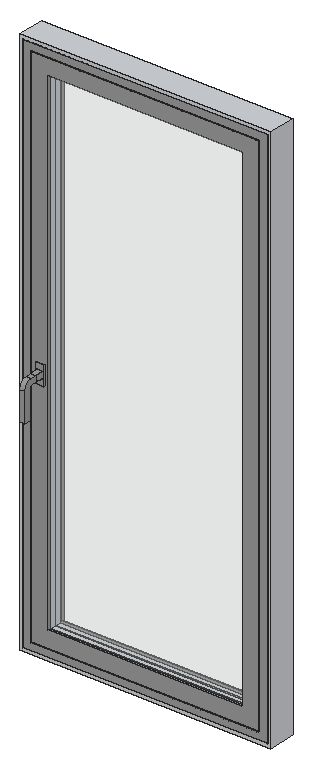
Revit family "Natre Tilt and turn casement door", category Doors, host Wall, Revit 2020
Family settings
  Host = Wall
  OmniClass Number = 23.30.20.00
  OmniClass Title = Windows
  Always vertical = Yes
  Cut with Voids When Loaded = No
  Shared = No
  Room Calculation Point = Yes
Parameters (values of type "948x2118")
  Door area [instance] = Width * Height  # 2.00786 m²
  Wall closure = 150.00 mm
  URL = "www.natre.no"
  Thermal Bridge length [instance] = (2 * Height) + (2 * Width)  # 6132.00 mm
  Rough Width = Width + (2 * Joint)  # 972.00 mm
  Rough Height = Height + (2 * Joint)  # 2142.00 mm
  Placement in wall = 50.00 mm
  Model = "GENP FI CD TITU_SC"
  Interior Frame = Default
  Exterior Frame = Default
  Manufacturer = "Natre"
  Joint = 12.00 mm  # constant formula
  Height = Desire Height  # 2118.00 mm
  Glass = Glass
  Desire Width = 948.00 mm
  Desire Height = 2118.00 mm
  Default Sill Height = 0.00 mm
  Wall Closure = By host
  Width = Desire Width  # 948.00 mm
  Construction Type = ""
Reference planes
  plane 1 "Center (Front/Back)": y = 0
  plane 2 "Center (Left/Right)": x = 0
  plane 3 "Left": x = -486
  plane 4 "Right": x = 486
  plane 5 "Sill": z = 0
  plane 6 "Head": z = 2142
  plane 7 "Exterior": y = 100
  plane 8 "Interior": y = -100
  plane 9 "Placement in wall": y = 50
  plane 10 "Left Joint": x = 474
  plane 11 "Bottum joint": z = 12
  plane 12 "Top Joint": z = 2130
  plane 13 "Right Joint": x = -474
  plane 14 "Wall Closure": y = -50
  plane 15: x = 236
Forms (mm)
  Sweep 1, solid, material "Default" <- "Interior Frame"
    path origin (-899.125, 50, 999.999) x (-1, 0, 0) y (0, 0, 1)
      loop
        line (-425.125, 1130) -> (-1373.125, 1130) -> (-1373.125, -988) -> (-425.125, -988) -> (-425.125, 1130)
    profile origin (0, 50, 2129.999) x (0, 0, -1) y (0, 1, 0)
      loop
        line (0, -10) -> (0, -115) -> (27.999, -115) -> (27.999, -79.5) -> (33.999, -79.5) -> (33.999, -115.003) -> (93.999, -115.003) -> (93.999, -102.003) -> (75.999, -102.003) -> (69.246, -47.003) -> (52.775, -47.003) -> (49.583, -73) -> (45.096, -73) -> (37.36, -10) -> (0, -10)
  Sweep 2, solid, material "Default" <- "Exterior Frame"
    path origin (-899.125, 50, 1000) x (-1, 0, 0) y (0, 0, 1)
      loop
        line (-1279.685, 1036.559) -> (-1279.685, -894.56) -> (-518.062, -894.56) -> (-518.062, 1036.559) -> (-1279.685, 1036.559)
    profile origin (-0.252, 50, 2036.559) x (0, 0, 1) y (0, 1, 0)
      loop
        line (92.441, 0) -> (40.971, 0) -> (29.637, -42.3) -> (24.941, -42.3) -> (23.213, -32.5) -> (2.522, -32.5) -> (-0.559, -44) -> (43.441, -44) -> (43.441, -8) -> (92.441, -8) -> (92.441, 0)
  Extrusion 3, solid, material "Glass" <- "Glass"
    sketch origin (-899.125, 50, 1000) x (-1, 0, 0) y (0, 0, 1)
      loop
        line (-1290.965, 1050) -> (-1290.965, -908) -> (-507.285, -908) -> (-507.285, 1050) -> (-1290.965, 1050)
    from -51 to -47
  Extrusion 4, solid, material "Glass" <- "Glass"
    sketch origin (-899.125, 50, 1000) x (-1, 0, 0) y (0, 0, 1)
      loop
        line (-1290.965, 1050) -> (-1290.965, -908) -> (-507.285, -908) -> (-507.285, 1050) -> (-1290.965, 1050)
    from -75 to -71
  Extrusion 5, solid, material "Glass" <- "Glass"
    sketch origin (-899.125, 50, 1000) x (-1, 0, 0) y (0, 0, 1)
      loop
        line (-1290.965, 1050) -> (-1290.965, -908) -> (-507.285, -908) -> (-507.285, 1050) -> (-1290.965, 1050)
    from -99 to -95
  Sweep 6, solid
    path origin (-899.125, 50, 1000) x (-1, 0, 0) y (0, 0, 1)
      loop
        line (-1373.153, 1130.028) -> (-1373.153, -988.028) -> (-425.098, -988.028) -> (-425.098, 1130.028) -> (-1373.153, 1130.028)
    profile origin (0, 50, 2130.028) x (0, 0, 1) y (0, 1, 0)
      loop
        line (-89.928, -51) -> (-89.928, -71) -> (-83.028, -71) -> (-83.028, -51) -> (-89.928, -51)
      loop
        line (-83.028, -75) -> (-89.928, -75) -> (-89.928, -95) -> (-83.028, -95) -> (-83.028, -75)
  Sweep 7, solid
    path origin (-899.125, 50, 1000) x (-1, 0, 0) y (0, 0, 1)
      loop
        line (-1385.125, 1142) -> (-1385.125, -1000) -> (-413.125, -1000) -> (-413.125, 1142) -> (-1385.125, 1142)
    profile origin (0, 50, 2142) x (0, 0, 1) y (0, 1, 0)
      loop
        line (0, -8) -> (-12, -8) -> (-12, -115) -> (0, -115) -> (0, -8)
Lines and regions (mm)
  Opening 1
    outline origin (3500, -100, 0) x (1, 0, 0) y (0, 0, 1)
      loop
        line (-3014, 0) -> (-3014, 2142) -> (-3986, 2142) -> (-3986, 0) -> (-3014, 0)
  Masking region 1
    outline origin (0, 0, 0) x (1, 0, 0) y (0, 1, 0)
      loop
        line (-486, 50) -> (-486, -72.993) -> (486, -72.993) -> (486, 50) -> (-486, 50)
  Masking region 2
    outline origin (-486, 0, 0) x (0, -1, 0) y (0, 0, 1)
      loop
        line (-50, 2142) -> (-50, 0) -> (65.003, 0) -> (65.003, 2142) -> (-50, 2142)
  symbolic lines, style "Inward"
    curve 1: line (379.374, 50, 2035.374) -> (-379.878, 50, 1071)
    curve 2: line (379.374, 50, 106.122) -> (-379.878, 50, 1071)
    curve 11: line (379.374, 50, 106.122) -> (-0.252, 50, 2036)
    curve 12: line (-380.504, 50, 105.999) -> (-0.252, 50, 2036)
  symbolic lines
    curve 3: line (-377.28, 49, 0) -> (-377.28, -58.43, 0)
    curve 4: line (377.28, 50, 0) -> (377.28, -72.993, 0)
    curve 5: line (-377.28, -11.997, 0) -> (377.28, -11.997, 0)
    curve 6: line (-486, 50, 2036) -> (-486, -65.003, 2036)
    curve 7: line (-486, -65.003, 105.999) -> (-486, 50, 105.999)
    curve 8: line (-486, -7.501, 2036) -> (-486, -7.501, 105.999)
  symbolic lines, style "Doors"
    curve 9: line (377.28, -72.993, 0) -> (377.28, -759.314, 0)
    curve 10: arc (377.28, -759.314, 0) -> (-152.784, -573.357, 0) -> (-377.28, -58.43, 0) r 702.794
Text (mm)
  text "EXTERIOR" at (-1963.203, 1332.353, 0), in view "Ref. Level"
  text "INTERIOR" at (-1981.466, -818.386, 0), in view "Ref. Level"
  text "Exterior" at (0, 923.751, 2943.296), in view "Right"
  text "Exterior" at (0, 1040.484, 2685.409), in view "Left"
Dimensions and locks
  equal spacing: plane 3 "Left", plane 2 "Center (Left/Right)", plane 4 "Right"
  "Rough Width": plane 3 "Left" to plane 4 "Right"
  "Rough Height": plane 5 "Sill" to plane 6 "Head"
  "Default Sill Height": plane 5 "Sill" to level
  locked: plane 7 "Exterior" to host wall
  locked: plane 8 "Interior" to host wall
  "Placement in wall": host wall to plane 9 "Placement in wall"
  "Joint": plane 10 "Left Joint" to plane 4 "Right"
  "Joint": plane 3 "Left" to plane 13 "Right Joint"
  "Joint": plane 12 "Top Joint" to plane 6 "Head"
  "Joint": plane 5 "Sill" to plane 11 "Bottum joint"
  "Wall closure": host wall to plane 14 "Wall Closure"
  equal spacing: plane 5 "Sill", curve 2, plane 6 "Head"
  locked: plane 15 to plane 4 "Right" at 250
  nested 1 to level = 1000.00 mm
  locked: plane 3 "Left" to nested 1 at 79.16
Automatic sketch dimensions
  plane 3 "Left" to Opening 1 sketch curve = 0.00 mm
  plane 4 "Right" to Opening 1 sketch curve = 0.00 mm
  Opening 1 sketch curve to plane 5 "Sill" = 0.00 mm
  Opening 1 sketch curve to plane 6 "Head" = 0.00 mm
  plane 10 "Left Joint" to Extrusion 3 sketch curve = 82.16 mm
  Extrusion 3 sketch curve to plane 13 "Right Joint" = 82.16 mm
  plane 11 "Bottum joint" to Extrusion 3 sketch curve = 80.00 mm
  Extrusion 3 sketch curve to plane 12 "Top Joint" = 80.00 mm
  plane 10 "Left Joint" to Extrusion 4 sketch curve = 82.16 mm
  Extrusion 4 sketch curve to plane 13 "Right Joint" = 82.16 mm
  plane 11 "Bottum joint" to Extrusion 4 sketch curve = 80.00 mm
  Extrusion 4 sketch curve to plane 12 "Top Joint" = 80.00 mm
  plane 10 "Left Joint" to Extrusion 5 sketch curve = 82.16 mm
  Extrusion 5 sketch curve to plane 13 "Right Joint" = 82.16 mm
  plane 11 "Bottum joint" to Extrusion 5 sketch curve = 80.00 mm
  Extrusion 5 sketch curve to plane 12 "Top Joint" = 80.00 mm
  Sweep 6 sketch curve to plane 10 "Left Joint" = 0.028 mm
  plane 13 "Right Joint" to Sweep 6 sketch curve = 0.028 mm
  Sweep 6 sketch curve to plane 11 "Bottum joint" = 0.028 mm
  plane 12 "Top Joint" to Sweep 6 sketch curve = 0.028 mm
  plane 4 "Right" to Sweep 7 sketch curve = 0.00 mm
  plane 3 "Left" to Sweep 7 sketch curve = 0.00 mm
  Sweep 7 sketch curve to plane 5 "Sill" = 0.00 mm
  Sweep 7 sketch curve to plane 6 "Head" = 0.00 mm
  profile plane to Sweep 7 sketch curve = 12.00 mm
  Sweep 7 sketch curve to plane 9 "Placement in wall" = 8.00 mm
  profile plane to Sweep 7 sketch curve = 0.00 mm
  Sweep 7 sketch curve to Sweep 7 sketch curve = 107.00 mm
  Masking region 1 sketch curve to plane 3 "Left" = 0.00 mm
  Masking region 1 sketch curve to plane 4 "Right" = 0.00 mm
  Masking region 1 sketch curve to plane 9 "Placement in wall" = 0.00 mm
  Masking region 1 sketch curve to plane 9 "Placement in wall" = 122.993 mm
  plane 5 "Sill" to Masking region 2 sketch curve = 0.00 mm
  Masking region 2 sketch curve to plane 9 "Placement in wall" = 0.00 mm
  plane 6 "Head" to Masking region 2 sketch curve = 0.00 mm
  Masking region 2 sketch curve to plane 9 "Placement in wall" = 115.003 mm
  curve 4 to plane 9 "Placement in wall" = 0.00 mm
  curve 9 to curve 10 = 14.564 mm
  curve 5 to plane 9 "Placement in wall" = 61.997 mm
  curve 3 to plane 9 "Placement in wall" = 1.00 mm
  curve 3 to curve 5 = 46.433 mm
  profile plane to Sweep 2 sketch curve = 0.559 mm
  Sweep 2 sketch curve to profile plane = 2.522 mm
  Sweep 2 sketch curve to Sweep 2 sketch curve = 20.691 mm
  Sweep 2 sketch curve to Sweep 2 sketch curve = 1.728 mm
  Sweep 2 sketch curve to Sweep 2 sketch curve = 4.696 mm
  Sweep 2 sketch curve to Sweep 2 sketch curve = 17.758 mm
  Sweep 2 sketch curve to Sweep 2 sketch curve = 2.47 mm
  Sweep 2 sketch curve to plane 9 "Placement in wall" = 8.00 mm
  Sweep 2 sketch curve to Sweep 2 sketch curve = 49.00 mm
  Sweep 2 sketch curve to plane 9 "Placement in wall" = 0.00 mm
  Sweep 2 sketch curve to Sweep 2 sketch curve = 9.80 mm
  Sweep 2 sketch curve to Sweep 2 sketch curve = 1.70 mm
  Sweep 2 sketch curve to Sweep 2 sketch curve = 24.50 mm
  Sweep 1 sketch curve to profile plane = 37.36 mm
  Sweep 1 sketch curve to profile plane = 0.00 mm
  Sweep 1 sketch curve to profile plane = 45.096 mm
  Sweep 1 sketch curve to Sweep 1 sketch curve = 63.00 mm
  Sweep 1 sketch curve to plane 9 "Placement in wall" = 10.00 mm
  Sweep 1 sketch curve to Sweep 1 sketch curve = 6.50 mm
  Sweep 1 sketch curve to Sweep 1 sketch curve = 6.00 mm
  Sweep 1 sketch curve to Sweep 1 sketch curve = 11.096 mm
  Sweep 1 sketch curve to Sweep 1 sketch curve = 4.487 mm
  Sweep 1 sketch curve to Sweep 1 sketch curve = 7.679 mm
  Sweep 1 sketch curve to Sweep 1 sketch curve = 16.472 mm
  Sweep 1 sketch curve to Sweep 1 sketch curve = 26.417 mm
  Sweep 1 sketch curve to Sweep 1 sketch curve = 18.00 mm
  Sweep 1 sketch curve to Sweep 1 sketch curve = 0.003 mm
  Sweep 1 sketch curve to Sweep 1 sketch curve = 13.00 mm
  Sweep 1 sketch curve to Sweep 1 sketch curve = 35.503 mm
  Sweep 1 sketch curve to Sweep 1 sketch curve = 25.997 mm
  Sweep 6 sketch curve to plane 9 "Placement in wall" = 51.00 mm
  profile plane to Sweep 6 sketch curve = 89.928 mm
  Sweep 6 sketch curve to Sweep 6 sketch curve = 0.00 mm
  Sweep 6 sketch curve to Sweep 6 sketch curve = 6.90 mm  (x2)
  Sweep 6 sketch curve to Sweep 6 sketch curve = 20.00 mm  (x2)
  Sweep 6 sketch curve to Sweep 6 sketch curve = 4.00 mm
  curve 7 to plane 9 "Placement in wall" = 0.00 mm
  curve 6 to plane 9 "Placement in wall" = 0.00 mm
  plane 11 "Bottum joint" to curve 7 = 93.999 mm
  curve 6 to curve 8 = 57.501 mm
  curve 8 to curve 7 = 57.501 mm
  curve 8 to curve 6 = 57.501 mm
  curve 8 to plane 12 "Top Joint" = 94.00 mm
  plane 10 "Left Joint" to Sweep 2 sketch curve = 93.441 mm
  Sweep 2 sketch curve to plane 13 "Right Joint" = 92.937 mm
  Sweep 2 sketch curve to plane 12 "Top Joint" = 93.441 mm
  plane 11 "Bottum joint" to Sweep 2 sketch curve = 93.44 mm
  plane 10 "Left Joint" to Sweep 1 sketch curve = 0.00 mm
  plane 13 "Right Joint" to Sweep 1 sketch curve = 0.00 mm
  Sweep 1 sketch curve to plane 12 "Top Joint" = 0.001 mm
  Sweep 1 sketch curve to plane 11 "Bottum joint" = 0.001 mm
  curve 3 to plane 13 "Right Joint" = 96.72 mm
  plane 10 "Left Joint" to curve 9 = 96.72 mm
  plane 10 "Left Joint" to curve 11 = 94.626 mm
  curve 2 to plane 13 "Right Joint" = 94.122 mm
  plane 11 "Bottum joint" to curve 11 = 94.122 mm
  plane 10 "Left Joint" to curve 1 = 94.626 mm
  plane 2 "Center (Left/Right)" to curve 11 = 0.252 mm
  curve 12 to plane 13 "Right Joint" = 93.496 mm
  plane 11 "Bottum joint" to curve 12 = 93.999 mm
  curve 1 to plane 12 "Top Joint" = 94.626 mm
  curve 12 to plane 12 "Top Joint" = 94.00 mm
Nested families
  nested 1: "Håndtak" at (-406.84, -65.003, 989) x (0, 0, -1) z (0, -1, 0), type "Håndtak"
Definition of nested family "Håndtak"
  Parameters (values of type "Håndtak")
    Default Elevation = 1219.20 mm
  Reference planes
    plane 1 "Center (Front/Back)": y = 0
    plane 2: z = 0
    plane 3 "Center (Left/Right)": x = 0
  Forms (mm)
    Extrusion 1, solid
      sketch origin (0, 0, 0) x (1, 0, 0) y (0, 1, 0)
        loop
          line (-1219.2, 1219.2) -> (-1219.2, -1219.2) -> (1219.2, -1219.2) -> (1219.2, 1219.2) -> (-1219.2, 1219.2)
      from 0 to -304.8
    Blend 2, solid
      base sketch origin (0, 0, 0) x (1, 0, 0) y (0, 1, 0)
        loop
          arc (14, 9.662) -> (13.169, 11.669) -> (11.162, 12.5) r 2.838
          line (11.162, 12.5) -> (-11.162, 12.5)
          arc (-11.162, 12.5) -> (-13.169, 11.669) -> (-14, 9.662) r 2.838
          line (-14, 9.662) -> (-14, -9.662)
          arc (-14, -9.662) -> (-13.169, -11.669) -> (-11.162, -12.5) r 2.838
          line (-11.162, -12.5) -> (11.162, -12.5)
          arc (11.162, -12.5) -> (13.169, -11.669) -> (14, -9.662) r 2.838
          line (14, -9.662) -> (14, 9.662)
      top sketch origin (0, 0, 0) x (1, 0, 0) y (0, 1, 0)
        loop
          line (11, 9.5) -> (-11, 9.5) -> (-11, -9.5) -> (11, -9.5) -> (11, 9.5)
      from 0 to 35.908
    Sweep 3, solid
      path origin (0, 0, 0) x (1, 0, 0) y (0, 0, 1)
        loop
          line (0, 35.908) -> (0, 55.908)
          arc (0, 55.908) -> (5.858, 70.05) -> (20, 75.908) r 20
          line (20, 75.908) -> (133, 75.908)
      profile origin (0, 0, 45.908) x (-1, 0, 0) y (0, -1, 0)
        loop
          line (-11, -9.5) -> (11, -9.5) -> (11, 9.5) -> (-11, 9.5) -> (-11, -9.5)
    Extrusion 4, solid
      sketch origin (0, 0, 0) x (1, 0, 0) y (0, 1, 0)
        loop
          line (-36.932, 15.592) -> (-36.932, -15.658) -> (38.068, -15.658) -> (38.068, 15.592) -> (-36.932, 15.592)
      from 0 to 2.754
  Cuts and joins
    joined: Blend 2, Sweep 3, Extrusion 4
  Dimensions and locks
    aligned and locked: plane 2 to Extrusion 1
    aligned and locked: level to Extrusion 1
